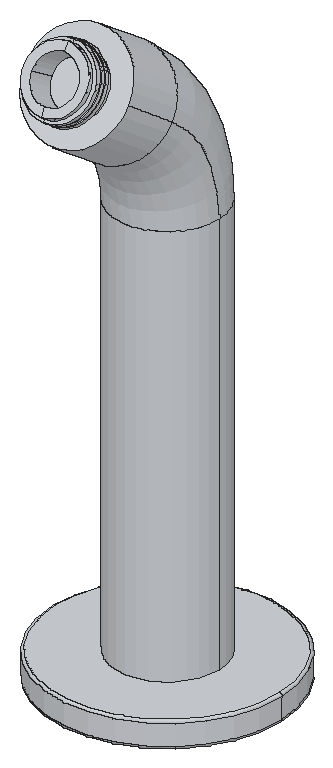
Revit family "Shower-Showerarm-KOHLER-STILLNESS-K-11624BR_1", category Plumbing Fixtures, host Face, Revit 2017
Family settings
  Host = Face
  Round Connector Dimension = Use Diameter
  Part Type = Normal
  OmniClass Number = 23.31.17.00
  OmniClass Title = Showers
  Cut with Voids When Loaded = No
  Shared = No
  Room Calculation Point = No
Parameters (values of type "CP-Polished Chrome")
  Width = 2 97/128"  # constant formula
  WaterSense Certified = 1 = 0  # no
  Waste Water Outlet = "Waste Water Outlet"  # constant formula
  Waste Connection = 1 = 0  # no
  Vent Connection = 1 = 0  # no
  URL = "https://br.kohler.com/"
  Type = 1
  Tempered Water Inlet = "Tempered Water Inlet"  # constant formula
  Product Page URL = "https://br.kohler.com/product-detail/11624br?skuid=K-11624BR-CP"
  Product Name = "STILLNESS"  # constant formula
  Product Documentation Link = "http://resources.kohler.com/plumbing/kohlerbrazil/pdf/K-11624BR_spec_br.pdf"
  Pressure = 0.00 psi
  Panel Thickness = 0"
  Model = "K-11624BR-CP"  # constant formula
  Material = "Premium Metal Construction"  # constant formula
  Master Format 2014 Name = "Residential Showers"  # constant formula
  Master Format 2014 = "22 42 23"  # constant formula
  Manufacturer Address = "Rio de Janeiro\nMULTIREPAROS\nRUA BATISTA DA COSTA, Nº 352 | STORE B\nRio de Janeiro\nSÃO GONÇALO\n24450-470"  # constant formula
  Manufacturer = "KOHLER Co."  # constant formula
  Length = 7 13/64"  # constant formula
  Hot Water Inlet = "Hot Water Inlet"  # constant formula
  Height = 2 97/128"  # constant formula
  HW Connection = 1 = 1  # yes
  Flow Rate = 0 GPM
  Finish = Kohler-Metal-CP-Polished_Chrome
  Environmental Product Declaration = ""
  Drain Included = 1 = 0  # no
  Description = "Shower tube with canister 183mm"  # constant formula
  Default Elevation = 72"
  Declare Label = ""
  Date Modified = "11/05/2020"  # constant formula
  Date Created = "11/05/2020"  # constant formula
  Copyright = "Copyright KOHLER Co."  # constant formula
  Contact Us = "https://br.kohler.com/asr-listing"
  Cold Water Inlet = "Cold Water Inlet"  # constant formula
  CW Connection = 1 = 0  # no
  Assembly Code = "D2010700"
  ADA Compliant = 1 = 0  # no
Reference planes (in)
  plane 1 "Center (Front/Back)": y = 0
  plane 2: z = 0
  plane 3 "Center (Left/Right)": x = 0
  plane 4: y = 1.37795
  plane 5: y = -1.37986
  plane 6: y = 0.62884
  plane 7: y = -0.62576
  plane 8: z = 0.31102
  plane 9: z = 7.20312
  plane 10: y = -1.69291
  plane 11: x = -0.62576
  plane 12: x = 0.62576
  plane 13: x = -1.37795
  plane 14: x = 1.37986
Dimensions and locks (in)
  "Width": plane 13 to plane 14
  "Height": plane 5 to plane 4
  "Length": level to plane 9
  aligned and locked: plane 2 to host face
  aligned and locked: level to host face
Automatic sketch dimensions
  host sketch curve to host sketch curve = 96"  (x2)
Nested families (in)
  nested 1: "K-11624BR" at (0, 0, 0), type "K-11624BR"
Connectors (in)
  piping at (0, 0, 0), diameter 0.5, driven by "HW Connection", driven by "Tempered Water Inlet"
    settings: on nested 1, index 1, connector inside diameter 24", connector length 0", flow factor 0, pipe flow 0 GPM, pressure drop 0.00 psi, fitting loss kfactor 0, connector angle 0.00°, fixture units 0, engagement length 0", angle of deflection 0.00°, flow configuration 0, flow direction 1, fitting loss method 0, system type 19, joint type 0, gender type 0, connector reference index -1, connector utility 1, adjustable connector no, is connector primary yes, connector description "Tempered Water Inlet"
Definition of nested family "K-11624BR"
  Parameters (values of type "K-11624BR")
    Material = none
  Reference planes (in)
    plane 1 "Center (Front/Back)": y = 0
    plane 2: z = 0
    plane 3 "Center (Left/Right)": x = 0
    plane 4: y = 1.37795
    plane 5: y = -1.37795
    plane 6: z = 7.20472
    plane 7: y = 0.62884
    plane 8: y = -0.62576
    plane 9: z = 0.31102
    plane 10: x = -1.37795
    plane 11: x = 1.37795
    plane 12: x = -0.62576
    plane 13: x = 0.62576
    plane 14: y = -1.69291
  Forms (in)
    Sweep 1, solid, material <- "Material", detail levels medium+fine
      path origin (0, 0, 0) x (1, 0, 0) y (0, 1, 0)
        loop
          circle (0, 0) r 1.37795
      profile origin (0, 1.37795, 0) x (0, -1, 0) y (0, 0, 1)
        loop
          arc (0, 0.0315) -> (0.00922, 0.00922) -> (0.0315, 0) r 0.0315
          line (0.0315, 0) -> (0.06422, 0) -> (0.06422, 0.31102) -> (0.02976, 0.31102)
          arc (0.02976, 0.31102) -> (0.00872, 0.30231) -> (0, 0.28126) r 0.02976
          line (0, 0.28126) -> (0, 0.0315)
    Extrusion 2, solid, material <- "Material", detail levels medium+fine
      sketch origin (0, 0, 0) x (1, 0, 0) y (0, 1, 0)
        loop
          circle (0, 0) r 1.31373
      from 0 to 0.31102
    Sweep 3, solid, material <- "Material", detail levels medium+fine
      path origin (0, 0, 0) x (0, 1, 0) y (0, 0, 1)
        loop
          line (0, 0.31102) -> (0, 5.17154)
          arc (0, 5.17154) -> (-0.18871, 5.94275) -> (-0.71221, 6.53969) r 1.6702
          line (-0.71221, 6.53969) -> (-1.36061, 6.9937)
      profile origin (0, 0, 2.74128) x (0, -1, 0) y (1, 0, 0)
        loop
          circle (0, 0) r 0.62576
    Revolve 4, solid, material <- "Material", detail levels medium+fine
      sketch origin (0, 0, 0) x (0, 1, 0) y (0, 0, 1)
        loop
          line (-1.89735, 6.8828) -> (-1.86287, 6.85682) -> (-1.80086, 6.93929) -> (-1.77482, 6.91971) -> (-1.85666, 6.81111) -> (-1.82429, 6.78677) -> (-1.74256, 6.89545) -> (-1.71712, 6.87632) -> (-1.79884, 6.76763) -> (-1.7734, 6.74851) -> (-1.69291, 6.85555) -> (-1.66747, 6.83642) -> (-1.74796, 6.72938) -> (-1.71979, 6.70819) -> (-1.6393, 6.81524) -> (-1.59921, 6.78781) -> (-1.63391, 6.74176) -> (-1.53999, 6.676) -> (-1.33079, 6.97476) -> (-1.69292, 7.20473) -> (-1.89735, 6.8828)
        axis (-1.69292, 7.20473) -> (-1.33079, 6.97476)
      angle from 0 to 360
    Extrusion 5, void
      sketch origin (0, -1.69292, 7.20473) x (1, 0, 0) y (0, -0.536075, -0.844171)
        loop
          circle (0, 0.00089) r 0.27559
      from -1.83191 to 0.3448
    Extrusion 6, solid, material <- "Material", detail levels coarse
      sketch origin (0, 0, 0) x (1, 0, 0) y (0, 1, 0)
        loop
          circle (0, 0) r 1.5748
      from 0 to 0.49102
    Sweep 7, solid, material <- "Material", detail levels coarse
      path origin (0, 0, 0) x (0, 1, 0) y (0, 0, 1)
        loop
          line (0, 0.49102) -> (0, 5.21543)
          arc (0, 5.21543) -> (-0.60988, 6.41136) -> (-1.6934, 7.20397) r 2.89704
      profile origin (0, 0, 2.85322) x (0, -1, 0) y (1, 0, 0)
        loop
          circle (0, 0) r 0.66174
    Extrusion 8, solid, material <- "Material"
      sketch origin (0, 0, 0) x (1, 0, 0) y (0, 1, 0)
        loop
          circle (0, 0) r 0.11776
      from 0 to 0.13771
  Cuts and joins
    Extrusion 5 cuts Revolve 4
    joined: Sweep 1, Extrusion 2, Sweep 3, Revolve 4
  Lines and regions (in)
    Masking region 1
      outline origin (0, 0, 0) x (0, 1, 0) y (0, 0, 1)
        loop
          line (0, 0) -> (1.34669, 0)
          arc (1.34669, 0) -> (1.36884, 0.0092) -> (1.37795, 0.03138) r 0.03127
          line (1.37795, 0.03138) -> (1.37795, 0.28364)
          arc (1.37795, 0.28364) -> (1.36888, 0.30406) -> (1.34765, 0.31102) r 0.02752
          line (1.34765, 0.31102) -> (0.62884, 0.31102) -> (0.62884, 5.19875)
          arc (0.62884, 5.19875) -> (0.40742, 6.16741) -> (-0.21284, 6.94368) r 2.22961
          line (-0.21284, 6.94368) -> (-0.99962, 7.50923) -> (-1.15138, 7.29251) -> (-1.24601, 7.3526) -> (-1.27866, 7.30119) -> (-1.31575, 7.32474) -> (-1.25398, 7.44172) -> (-1.29175, 7.46166) -> (-1.34393, 7.37067) -> (-1.37321, 7.35499) -> (-1.30254, 7.46629) -> (-1.34005, 7.49011) -> (-1.39861, 7.39789) -> (-1.42835, 7.38982) -> (-1.367, 7.50127) -> (-1.40362, 7.52453) -> (-1.46486, 7.42809) -> (-1.49566, 7.41974) -> (-1.44934, 7.51541) -> (-1.484, 7.53371) -> (-1.69291, 7.20473) -> (-1.90183, 6.87575) -> (-1.87053, 6.85216) -> (-1.80363, 6.93477) -> (-1.79809, 6.90334) -> (-1.85933, 6.8069) -> (-1.82271, 6.78365) -> (-1.74793, 6.88657) -> (-1.74258, 6.85622) -> (-1.80115, 6.764) -> (-1.76363, 6.74018) -> (-1.69296, 6.85148) -> (-1.69469, 6.81831) -> (-1.75486, 6.73239) -> (-1.72075, 6.70668) -> (-1.64114, 6.81233) -> (-1.60406, 6.78878) -> (-1.63767, 6.73585) -> (-1.57291, 6.6905) -> (-1.71953, 6.4811) -> (-1.06929, 6.0258)
          arc (-1.06929, 6.0258) -> (-0.7474, 5.66197) -> (-0.62576, 5.19165) r 1.04049
          line (-0.62576, 5.19165) -> (-0.62576, 0.31102) -> (-1.34765, 0.31102)
          arc (-1.34765, 0.31102) -> (-1.36888, 0.30406) -> (-1.37795, 0.28364) r 0.02752
          line (-1.37795, 0.28364) -> (-1.37795, 0.03138)
          arc (-1.37795, 0.03138) -> (-1.36884, 0.0092) -> (-1.34669, 0) r 0.03127
          line (-1.34669, 0) -> (0, 0)
    Masking region 2
      outline origin (0, 0, 0) x (1, 0, 0) y (0, 0, 1)
        loop
          line (0, 0) -> (1.34608, 0)
          arc (1.34608, 0) -> (1.36825, 0.00896) -> (1.37795, 0.03081) r 0.03189
          line (1.37795, 0.03081) -> (1.37795, 0.27979)
          arc (1.37795, 0.27979) -> (1.36807, 0.30262) -> (1.34466, 0.31102) r 0.03129
          line (1.34466, 0.31102) -> (0.62576, 0.31102) -> (0.62576, 6.9937)
          spline (0.62576, 6.9937) -> (0.62237, 7.04698) -> (0.61224, 7.09968) -> (0.59548, 7.15123) -> (0.57226, 7.20108) -> (0.54285, 7.24868) -> (0.50756, 7.29352) -> (0.46676, 7.33511) -> (0.42092, 7.373) -> (0.37051, 7.40678) -> (0.31609, 7.43609) -> (0.25824, 7.46061) -> (0.1976, 7.48007)
          spline (0.1976, 7.48007) -> (0.18259, 7.48735) -> (0.16721, 7.49405) -> (0.15149, 7.50016) -> (0.13545, 7.50566) -> (0.11914, 7.51054) -> (0.10258, 7.51479) -> (0.08581, 7.5184) -> (0.06886, 7.52136) -> (0.05177, 7.52367) -> (0.03457, 7.52533) -> (0.0173, 7.52632) -> (0, 7.52665)
          spline (0, 7.52665) -> (-0.0173, 7.52632) -> (-0.03457, 7.52533) -> (-0.05177, 7.52367) -> (-0.06886, 7.52136) -> (-0.08581, 7.5184) -> (-0.10258, 7.51479) -> (-0.11914, 7.51054) -> (-0.13545, 7.50566) -> (-0.15149, 7.50016) -> (-0.16721, 7.49405) -> (-0.18259, 7.48735) -> (-0.1976, 7.48007)
          spline (-0.1976, 7.48007) -> (-0.25824, 7.46061) -> (-0.31609, 7.43609) -> (-0.37051, 7.40678) -> (-0.42092, 7.373) -> (-0.46676, 7.33511) -> (-0.50756, 7.29352) -> (-0.54285, 7.24868) -> (-0.57226, 7.20108) -> (-0.59548, 7.15123) -> (-0.61224, 7.09968) -> (-0.62237, 7.04698) -> (-0.62576, 6.9937)
          line (-0.62576, 6.9937) -> (-0.62576, 0.31102) -> (-1.34466, 0.31102)
          arc (-1.34466, 0.31102) -> (-1.36807, 0.30262) -> (-1.37795, 0.27979) r 0.03129
          line (-1.37795, 0.27979) -> (-1.37795, 0.03081)
          arc (-1.37795, 0.03081) -> (-1.36825, 0.00896) -> (-1.34608, 0) r 0.03189
          line (-1.34608, 0) -> (0, 0)
    Masking region 3
      outline origin (0, 0, 0) x (1, 0, 0) y (0, 1, 0)
        loop
          arc (-1.37795, 0) -> (-1.17504, -0.71974) -> (-0.62608, -1.22751) r 1.37795
          line (-0.62608, -1.22751) -> (-0.62576, -1.36061)
          spline (-0.62576, -1.36061) -> (-0.62425, -1.38551) -> (-0.61973, -1.4103) -> (-0.61223, -1.43485) -> (-0.60177, -1.45904) -> (-0.58841, -1.48276) -> (-0.57221, -1.50588) -> (-0.55325, -1.52831) -> (-0.53163, -1.54993) -> (-0.50744, -1.57063) -> (-0.4808, -1.59033) -> (-0.45185, -1.60891) -> (-0.42072, -1.6263)
          spline (-0.42072, -1.6263) -> (-0.42075, -1.6358) -> (-0.42004, -1.64529) -> (-0.41858, -1.65475) -> (-0.41638, -1.66417) -> (-0.41344, -1.67354) -> (-0.40976, -1.68283) -> (-0.40536, -1.69203) -> (-0.40024, -1.70112) -> (-0.3944, -1.71009) -> (-0.38787, -1.71892) -> (-0.38065, -1.72759) -> (-0.37275, -1.73609)
          spline (-0.37275, -1.73609) -> (-0.36127, -1.75838) -> (-0.34517, -1.77983) -> (-0.32465, -1.80017) -> (-0.29998, -1.81914) -> (-0.27148, -1.83649) -> (-0.2395, -1.85201) -> (-0.20445, -1.86549) -> (-0.16679, -1.87676) -> (-0.127, -1.88568) -> (-0.08558, -1.89214) -> (-0.04306, -1.89604) -> (0, -1.89735)
          spline (0, -1.89735) -> (0.04328, -1.89603) -> (0.08599, -1.89208) -> (0.1276, -1.88557) -> (0.16756, -1.87656) -> (0.20535, -1.86518) -> (0.24049, -1.85157) -> (0.27252, -1.83592) -> (0.30103, -1.81842) -> (0.32566, -1.79929) -> (0.34607, -1.7788) -> (0.36201, -1.75719) -> (0.37328, -1.73475)
          spline (0.37328, -1.73475) -> (0.38095, -1.72636) -> (0.38796, -1.71781) -> (0.3943, -1.70912) -> (0.39997, -1.70029) -> (0.40495, -1.69134) -> (0.40923, -1.68228) -> (0.41281, -1.67315) -> (0.41567, -1.66393) -> (0.41783, -1.65467) -> (0.41926, -1.64536) -> (0.41997, -1.63603) -> (0.41997, -1.62669)
          spline (0.41997, -1.62669) -> (0.45121, -1.6093) -> (0.48026, -1.5907) -> (0.50699, -1.57099) -> (0.53127, -1.55026) -> (0.55298, -1.52861) -> (0.572, -1.50615) -> (0.58826, -1.48299) -> (0.60168, -1.45923) -> (0.61217, -1.43499) -> (0.61971, -1.4104) -> (0.62425, -1.38556) -> (0.62608, -1.36061)
          line (0.62608, -1.36061) -> (0.62608, -1.22751)
          arc (0.62608, -1.22751) -> (1.17504, -0.71974) -> (1.37795, 0) r 1.37795
          arc (1.37795, 0) -> (0.97436, 0.97436) -> (0, 1.37795) r 1.37795
          arc (0, 1.37795) -> (-0.97436, 0.97436) -> (-1.37795, 0) r 1.37795
    symbolic lines, detail levels medium+fine
      curve 1: arc (-0.62576, 0, 0) -> (0, 0.62576, 0) -> (0.62576, 0, 0) r 0.62576
      curve 2: line (-0.62576, 0, 0) -> (-0.62576, -1.22767, 0)
      curve 3: line (0.62576, 0, 0) -> (0.62576, -1.22767, 0)
      curve 4: spline (0.62576, -1.36061, 0) -> (0.60444, -1.26771, 0) -> (0.54193, -1.18114, 0) -> (0.44248, -1.10681, 0) -> (0.31288, -1.04977, 0) -> (0.16196, -1.01391, 0) -> (0, -1.00168, 0) -> (-0.16196, -1.01391, 0) -> (-0.31288, -1.04977, 0) -> (-0.44248, -1.10681, 0) -> (-0.54193, -1.18114, 0) -> (-0.60444, -1.26771, 0) -> (-0.62576, -1.36061, 0)
      curve 5: line (0, 0.62884, 0.31102) -> (0, -0.62576, 0.31102)
      curve 6: line (0, -1.00168, 7.50629) -> (0, -1.71953, 6.4811)
      curve 7: line (0, -1.27866, 7.30119) -> (0, -1.60406, 6.78878)
      curve 8: line (0, -1.64114, 6.81233) -> (0, -1.31575, 7.32474)
      curve 9: line (0, -1.37321, 7.35499) -> (0, -1.69296, 6.85148)
      curve 10: line (0, -1.74793, 6.88657) -> (0, -1.42835, 7.38982)
      curve 11: line (0, -1.80363, 6.93477) -> (0, -1.49566, 7.41974)
      curve 12: line (0.62576, 0, 0.31102) -> (-0.62576, 0, 0.31102)
      curve 13: arc (0.19761, 0, 7.48009) -> (0, 0, 7.51168) -> (-0.19761, 0, 7.48009) r 0.63385
      curve 14: arc (0.18543, 0, 7.48395) -> (0.1392, 0, 7.50081) -> (0.09145, 0, 7.5127) r 0.46609
      curve 15: arc (0.09145, 0, 7.5127) -> (0.04593, 0, 7.51898) -> (0, 0, 7.52031) r 0.42503
      curve 16: arc (-0.18543, 0, 7.48395) -> (-0.1392, 0, 7.50081) -> (-0.09145, 0, 7.5127) r 0.46609
      curve 17: arc (-0.09145, 0, 7.5127) -> (-0.04593, 0, 7.51898) -> (0, 0, 7.52031) r 0.42503
      curve 18: spline (-0.37295, -1.73558, 0) -> (-0.38062, -1.70555, 0) -> (-0.37992, -1.67524, 0) -> (-0.37087, -1.64531, 0) -> (-0.35366, -1.61644, 0) -> (-0.32868, -1.58924, 0) -> (-0.29646, -1.56433, 0) -> (-0.25773, -1.54224, 0) -> (-0.21334, -1.52347, 0) -> (-0.16425, -1.50842, 0) -> (-0.11155, -1.49742, 0) -> (-0.05639, -1.49073, 0) -> (0, -1.48848, 0)
      curve 19: spline (0.36434, -1.75329, 0) -> (0.37741, -1.72224, 0) -> (0.38132, -1.69047, 0) -> (0.37599, -1.65876, 0) -> (0.36154, -1.62789, 0) -> (0.33833, -1.59858, 0) -> (0.3069, -1.57157, 0) -> (0.26804, -1.5475, 0) -> (0.22267, -1.52695, 0) -> (0.17191, -1.51043, 0) -> (0.11698, -1.49834, 0) -> (0.05921, -1.49096, 0) -> (0, -1.48848, 0)
      curve 20: spline (0, -1.84113, 0) -> (-0.03597, -1.83987, 0) -> (-0.07133, -1.8361, 0) -> (-0.10546, -1.82989, 0) -> (-0.1378, -1.82134, 0) -> (-0.16777, -1.8106, 0) -> (-0.19487, -1.79786, 0) -> (-0.21864, -1.78333, 0) -> (-0.23867, -1.76726, 0) -> (-0.25461, -1.74993, 0) -> (-0.2662, -1.73163, 0) -> (-0.27323, -1.71268, 0) -> (-0.27559, -1.6934, 0)
      curve 21: spline (-0.27559, -1.6934, 0) -> (-0.27323, -1.67411, 0) -> (-0.2662, -1.65516, 0) -> (-0.25461, -1.63686, 0) -> (-0.23867, -1.61953, 0) -> (-0.21864, -1.60346, 0) -> (-0.19487, -1.58893, 0) -> (-0.16777, -1.57619, 0) -> (-0.1378, -1.56545, 0) -> (-0.10546, -1.5569, 0) -> (-0.07133, -1.55069, 0) -> (-0.03597, -1.54692, 0) -> (0, -1.54566, 0)
      curve 22: spline (0, -1.54566, 0) -> (0.03597, -1.54692, 0) -> (0.07133, -1.55069, 0) -> (0.10546, -1.5569, 0) -> (0.1378, -1.56545, 0) -> (0.16777, -1.57619, 0) -> (0.19487, -1.58893, 0) -> (0.21864, -1.60346, 0) -> (0.23867, -1.61953, 0) -> (0.25461, -1.63686, 0) -> (0.2662, -1.65516, 0) -> (0.27323, -1.67411, 0) -> (0.27559, -1.6934, 0)
      curve 23: spline (0.27559, -1.6934, 0) -> (0.27323, -1.71268, 0) -> (0.2662, -1.73163, 0) -> (0.25461, -1.74993, 0) -> (0.23867, -1.76726, 0) -> (0.21864, -1.78333, 0) -> (0.19487, -1.79786, 0) -> (0.16777, -1.8106, 0) -> (0.1378, -1.82134, 0) -> (0.10546, -1.82989, 0) -> (0.07133, -1.8361, 0) -> (0.03597, -1.83987, 0) -> (0, -1.84113, 0)
      curve 24: spline (0, -1.40629, 0) -> (-0.05433, -1.40819, 0) -> (-0.10774, -1.41383, 0) -> (-0.15935, -1.42313, 0) -> (-0.20827, -1.43592, 0) -> (-0.2537, -1.45201, 0) -> (-0.29487, -1.4711, 0) -> (-0.33109, -1.49289, 0) -> (-0.36174, -1.51701, 0) -> (-0.38632, -1.54305, 0) -> (-0.40441, -1.57058, 0) -> (-0.4157, -1.59913, 0) -> (-0.42002, -1.62822, 0)
      curve 25: spline (0.42325, -1.59646, 0) -> (0.40842, -1.53784, 0) -> (0.36583, -1.48327, 0) -> (0.29838, -1.43646, 0) -> (0.21065, -1.40059, 0) -> (0.10861, -1.37809, 0) -> (-0.00082, -1.3705, 0) -> (-0.11018, -1.37833, 0) -> (-0.21205, -1.40105, 0) -> (-0.29951, -1.43712, 0) -> (-0.3666, -1.48408, 0) -> (-0.40877, -1.53874, 0) -> (-0.42316, -1.59739, 0)
      curve 26: spline (0, -1.34236, 0) -> (-0.05576, -1.34432, 0) -> (-0.11057, -1.35019, 0) -> (-0.16347, -1.35985, 0) -> (-0.21355, -1.37314, 0) -> (-0.25995, -1.38984, 0) -> (-0.30188, -1.40965, 0) -> (-0.3386, -1.43223, 0) -> (-0.36949, -1.45719, 0) -> (-0.39402, -1.48411, 0) -> (-0.41175, -1.51252, 0) -> (-0.42239, -1.54193, 0) -> (-0.42576, -1.57184, 0)
      curve 27: spline (0.42821, -1.54775, 0) -> (0.41522, -1.48757, 0) -> (0.37332, -1.4313, 0) -> (0.30542, -1.38287, 0) -> (0.21625, -1.34565, 0) -> (0.11203, -1.32222, 0) -> (0, -1.31423, 0) -> (-0.11203, -1.32222, 0) -> (-0.21625, -1.34565, 0) -> (-0.30542, -1.38287, 0) -> (-0.37332, -1.4313, 0) -> (-0.41522, -1.48757, 0) -> (-0.42821, -1.54775, 0)
      curve 28: spline (0, -1.2861, 0) -> (-0.05746, -1.28816, 0) -> (-0.11389, -1.29431, 0) -> (-0.16829, -1.30445, 0) -> (-0.21968, -1.31838, 0) -> (-0.26715, -1.33586, 0) -> (-0.30984, -1.35659, 0) -> (-0.34699, -1.38017, 0) -> (-0.37794, -1.40621, 0) -> (-0.40214, -1.43422, 0) -> (-0.41915, -1.46372, 0) -> (-0.42867, -1.49417, 0) -> (-0.43053, -1.52502, 0)
      curve 29: spline (0, -1.2861, 0) -> (0.05746, -1.28816, 0) -> (0.11389, -1.29431, 0) -> (0.16829, -1.30445, 0) -> (0.21968, -1.31838, 0) -> (0.26715, -1.33586, 0) -> (0.30984, -1.35659, 0) -> (0.34699, -1.38017, 0) -> (0.37794, -1.40621, 0) -> (0.40214, -1.43422, 0) -> (0.41915, -1.46372, 0) -> (0.42867, -1.49417, 0) -> (0.43053, -1.52502, 0)
      curve 30: spline (0.41531, -1.45568, 0) -> (0.43349, -1.3845, 0) -> (0.41025, -1.31375, 0) -> (0.34782, -1.25018, 0) -> (0.25216, -1.19987, 0) -> (0.1324, -1.16762, 0) -> (0, -1.15652, 0) -> (-0.1324, -1.16762, 0) -> (-0.25216, -1.19987, 0) -> (-0.34782, -1.25018, 0) -> (-0.41025, -1.31375, 0) -> (-0.43349, -1.3845, 0) -> (-0.41531, -1.45568, 0)
      curve 31: line (-0.42002, -1.62822, 0) -> (-0.43053, -1.52502, 0)
      curve 32: spline (0, -1.40629, 0) -> (0.05433, -1.40819, 0) -> (0.10774, -1.41383, 0) -> (0.15935, -1.42313, 0) -> (0.20827, -1.43592, 0) -> (0.2537, -1.45201, 0) -> (0.29487, -1.4711, 0) -> (0.33109, -1.49289, 0) -> (0.36174, -1.51701, 0) -> (0.38632, -1.54305, 0) -> (0.40441, -1.57058, 0) -> (0.4157, -1.59913, 0) -> (0.42002, -1.62822, 0)
      curve 33: spline (0, -1.34236, 0) -> (0.05576, -1.34432, 0) -> (0.11057, -1.35019, 0) -> (0.16347, -1.35985, 0) -> (0.21355, -1.37314, 0) -> (0.25995, -1.38984, 0) -> (0.30188, -1.40965, 0) -> (0.3386, -1.43223, 0) -> (0.36949, -1.45719, 0) -> (0.39402, -1.48411, 0) -> (0.41175, -1.51252, 0) -> (0.42239, -1.54193, 0) -> (0.42576, -1.57184, 0)
      curve 34: line (0.42002, -1.62822, 0) -> (0.43053, -1.52502, 0)
      curve 35: line (0, -1.34393, 7.37067) -> (0, -1.69469, 6.81831)
      curve 36: line (0, -1.39861, 7.39789) -> (0, -1.74258, 6.85622)
      curve 37: line (0, -1.46486, 7.42809) -> (0, -1.79809, 6.90334)
  Dimensions and locks (in)
    plane 6 to level = 7.20472"
    plane 1 "Center (Front/Back)" to plane 14 = 1.69291"
    plane 4 to plane 5 = 2.75591"  (x2)
    plane 10 to plane 11 = 2.75591"  (x2)
    aligned and locked: level to plane 2
